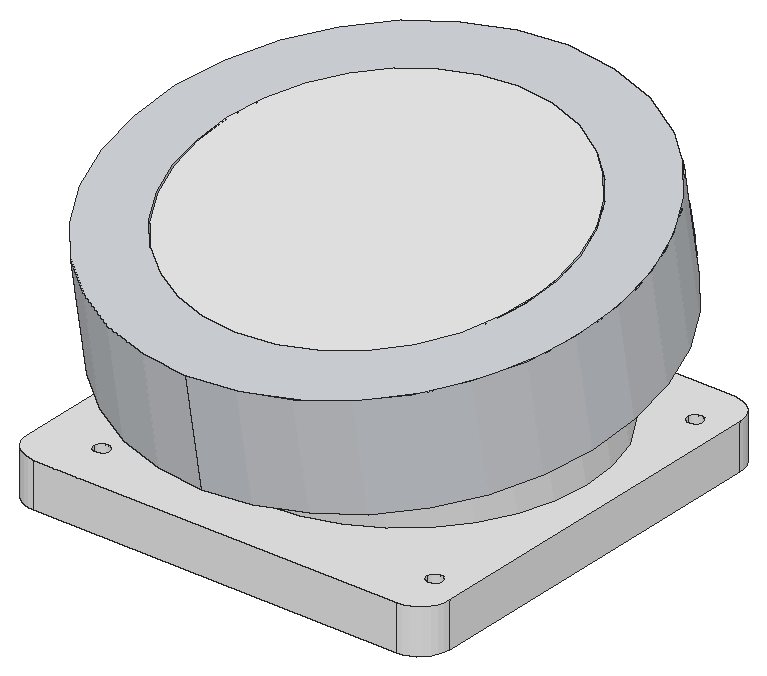
Revit family "Building-ConnessioniIEC309-GEWISS-IEC309HP-PRESE_FISSE_INC_10°_125A_IP66-67", category Apparecchi elettrici, host Superficie, Revit 2019
Family settings
  Host = Superficie
  Mantenere orientamento annotazione = Sì
  Quota connettore circolare = Usa diametro
  Tipo di parte = Normale
  Taglio con vuoti quando caricato = No
  Condiviso = Sì
  Punto di calcolo locali = Sì
Parameters (values of type "GW68786 - PRESA ST.125A 3P+N+T 400V CONT.PULITO")
  simbolo acceso [instance] = yes
  distanza_simbolo [instance] = 1 mm
  distanza dal piano [instance] = 0 mm
  W = 115 mm  # constant formula
  Versione file RFA = "21.11"
  URL = "https://www.gewiss.com/it/it"
  Tipologia = "Presa fissa da incasso 10°"
  Tipo Materiale = ""
  Tipo Cablaggio = "A vite"
  Termopressione con biglia = "125 °C (Parti attive) - 80 °C (Parti passive)"
  Tensione nominale: = ""
  Tensione nominale = "380-415V"
  Temperatura di utilizzo = "-25 +55 °C"
  Spostamento_effettivo_S [instance] = 4000 mm - Spostamento_S  # 3057 mm
  Spostamento_S = 943 mm
  Sportello_visibile = yes
  Scheda Tecnica = "https://www.gewiss.com/it/it/search?q=GW68786"
  SPinotto = Default(2)
  SEO = "Presa"
  Riferimento h = "6"
  Resistenza di isolamento = "- 10 M?"
  Resistenza agli urti = "IK08"
  Default Elevation = 1219.2 mm
  Produttore = "GEWISS S.p.A."
  Potere d'interruzione a 1,1 Un = "156A"
  Piastra = Default(2)
  N. poli = "3P+N+T"
  N. Manovre complessive = "-500"
  Modello = "GW68786"
  L = 155 mm  # constant formula
  Immagine tipo = (empty or 0)
  IDT = "f8cfd48370014e8f8fb3c269094b72df"
  IDF = "d9186e92-03dc-4206-9124-609961c156f7"
  Grado di protezione = "IP67"
  Glow wire test: = "850 °C (Parti attive) - 650 °C (Parti passive)"
  Frequenza = "50/60 Hz"
  FORMULA = 1000 mm * 1  # 1000 mm
  Dimensioni flangia (mm): = "114x114"
  Dimensioni flangia (mm) = "114x114"
  Descrizione = "PRESA ST.125A 3P+N+T 400V CONT.PULITO"
  Creato da GEWISS S.p.A. = ""
  Corrente nominale (A) = "125"
  Corpo centrale = Default(2)
  Colore: = "Rosso"
  Codice Electrocod = "2211"
  Catalogo = "BUILDING"
  Caratteristiche = ""
  CapacitÃ  serraggio morsetti = "16-50 mm² cavi flessibili - 25-70 mm² cavi rigidi"
  COBie.Tagnumber = ""
  COBie.CreatedOn = ""
  COBie.CreatebBy = ""
  COBie.ComponentRegisterItemID = ""
  COBie.Component.TagNumber = ""
  COBie.Component.Space = ""
  COBie.Component.SerialNumber = ""
  COBie.Component.InstallationDate = ""
  COBie.Component.Description = ""
  COBie.Component.BarCode = ""
  BLOCCO = "B=C"
Types (26, lengths in mm): name | Tipo Materiale | Tipo Cablaggio | Tensione nominale: | Tensione nominale | Scheda Tecnica | Riferimento h | Resistenza agli urti | N. poli | Modello | IDT | Grado di protezione | Frequenza | Dimensioni flangia (mm): | Descrizione | Colore: | Caratteristiche
  GW62257H - PR.INC.10° HP IP67 3P+T 125A 110V 4H | "Halogen free secondo norma EN 60754-2" | "A mantello" | "100 - 130 V" | "" | "https://www.gewiss.com/it/it/search?q=GW62257H" | "4" | "IK09" | "3P+T" | "GW62257H" | "9153929fd0f244bbb7c9858763fbe53b" | "IP66/IP67" | "50/60 Hz" | "" | "PR.INC.10° HP IP67 3P+T 125A 110V 4H" | "Giallo" | ""
  GW62258H - PR.INC.10° HP IP67 3P+N+T 125A 110V 4H | "Halogen free secondo norma EN 60754-2" | "A mantello" | "100 - 130 V" | "" | "https://www.gewiss.com/it/it/search?q=GW62258H" | "4" | "IK09" | "3P+N+T" | "GW62258H" | "18d81827e2834a4eba426d7bd53ed8b3" | "IP66/IP67" | "50/60 Hz" | "" | "PR.INC.10° HP IP67 3P+N+T 125A 110V 4H" | "Giallo" | ""
  GW62259H - PR.INC.10° HP IP67 3P+T 125A 230V 9H | "Halogen free secondo norma EN 60754-2" | "A mantello" | "200 - 250 V" | "" | "https://www.gewiss.com/it/it/search?q=GW62259H" | "9" | "IK09" | "3P+T" | "GW62259H" | "4e8848fd1a2944289d5955f933e39c62" | "IP66/IP67" | "50/60 Hz" | "" | "PR.INC.10° HP IP67 3P+T 125A 230V 9H" | "Blu" | ""
  GW62260H - PR.INC.10° HP IP67 3P+N+T 125A 230V 9H | "Halogen free secondo norma EN 60754-2" | "A mantello" | "200 - 250 V" | "" | "https://www.gewiss.com/it/it/search?q=GW62260H" | "9" | "IK09" | "3P+N+T" | "GW62260H" | "7e911d1188d44f49b4206f9dc5ea3ef3" | "IP66/IP67" | "50/60 Hz" | "" | "PR.INC.10° HP IP67 3P+N+T 125A 230V 9H" | "Blu" | ""
  GW62261H - PR.INC.10° HP IP67 3P+T 125A 400V 6H | "Halogen free secondo norma EN 60754-2" | "A mantello" | "380 - 415 V" | "" | "https://www.gewiss.com/it/it/search?q=GW62261H" | "6" | "IK09" | "3P+T" | "GW62261H" | "d2c81ab0fa1943a09309a98ce7eb34b2" | "IP66/IP67" | "50/60 Hz" | "" | "PR.INC.10° HP IP67 3P+T 125A 400V 6H" | "Rosso" | ""
  GW62261PH - PR.INC.10° HP IP67 3P+T 125A 400V 6H CP | "Halogen free secondo norma EN 60754-2" | "A mantello" | "380 - 415 V" | "" | "https://www.gewiss.com/it/it/search?q=GW62261PH" | "6" | "IK09" | "3P+T" | "GW62261PH" | "e9c9db9e7e474f7c8cbeed54245d1415" | "IP66/IP67" | "50/60 Hz" | "" | "PR.INC.10° HP IP67 3P+T 125A 400V 6H CP" | "Rosso" | "Contatto pilota"
  GW62262H - PR.INC.10° HP IP67 3P+N+T 125A 400V 6H | "Halogen free secondo norma EN 60754-2" | "A mantello" | "346 - 415 V" | "" | "https://www.gewiss.com/it/it/search?q=GW62262H" | "6" | "IK09" | "3P+N+T" | "GW62262H" | "fecbb6e538794049bba4e8111ba6efe7" | "IP66/IP67" | "50/60 Hz" | "" | "PR.INC.10° HP IP67 3P+N+T 125A 400V 6H" | "Rosso" | ""
  GW62262PH - PR.INC.10° HP IP67 3P+N+T 125A 400V6H CP | "Halogen free secondo norma EN 60754-2" | "A mantello" | "346 - 415 V" | "" | "https://www.gewiss.com/it/it/search?q=GW62262PH" | "6" | "IK09" | "3P+N+T" | "GW62262PH" | "8705a0edf0fe476ea741010917bd2fdd" | "IP66/IP67" | "50/60 Hz" | "" | "PR.INC.10° HP IP67 3P+N+T 125A 400V6H CP" | "Rosso" | "Contatto pilota"
  GW62263H - PR.INC.10° HP IP67 3P+T 125A 500V 7H | "Halogen free secondo norma EN 60754-2" | "A mantello" | "480 - 500 V" | "" | "https://www.gewiss.com/it/it/search?q=GW62263H" | "7" | "IK09" | "3P+T" | "GW62263H" | "efd685968b35496b9c5f0325e42e7454" | "IP66/IP67" | "50/60 Hz" | "" | "PR.INC.10° HP IP67 3P+T 125A 500V 7H" | "Nero" | ""
  GW62264H - PR.INC.10° HP IP67 3P+N+T 125A 500V 7H | "Halogen free secondo norma EN 60754-2" | "A mantello" | "480 - 500 V" | "" | "https://www.gewiss.com/it/it/search?q=GW62264H" | "7" | "IK09" | "3P+N+T" | "GW62264H" | "c8ddd878e5d243669782a113f7de38fc" | "IP66/IP67" | "50/60 Hz" | "" | "PR.INC.10° HP IP67 3P+N+T 125A 500V 7H" | "Nero" | ""
  GW62965H - PR.INC.10° HP IP67 2P+T 125A 110V 4H | "Halogen free secondo norma EN 60754-2" | "A mantello" | "100 - 130 V" | "" | "https://www.gewiss.com/it/it/search?q=GW62965H" | "4" | "IK09" | "2P+T" | "GW62965H" | "ded549a8816e48a38b52cd1baacd2461" | "IP66/IP67" | "50/60 Hz" | "" | "PR.INC.10° HP IP67 2P+T 125A 110V 4H" | "Giallo" | ""
  GW62966H - PR.INC.10° HP IP67 2P+T 125A 230V 6H | "Halogen free secondo norma EN 60754-2" | "A mantello" | "200 - 250 V" | "" | "https://www.gewiss.com/it/it/search?q=GW62966H" | "6" | "IK09" | "2P+T" | "GW62966H" | "68196559e5b7484180e7938c19e5bf7e" | "IP66/IP67" | "50/60 Hz" | "" | "PR.INC.10° HP IP67 2P+T 125A 230V 6H" | "Blu" | ""
  GW62967H - PR.INC.10° HP IP67 2P+T 125A 400V 9H | "Halogen free secondo norma EN 60754-2" | "A mantello" | "380 - 415 V" | "" | "https://www.gewiss.com/it/it/search?q=GW62967H" | "9" | "IK09" | "2P+T" | "GW62967H" | "6e30c0cfc2ae406696186958fe416866" | "IP66/IP67" | "50/60 Hz" | "" | "PR.INC.10° HP IP67 2P+T 125A 400V 9H" | "Rosso" | ""
  GW62968H - PR.INC.10° HP IP67 2P+T 125A 500V 7H | "Halogen free secondo norma EN 60754-2" | "A mantello" | "480 - 500 V" | "" | "https://www.gewiss.com/it/it/search?q=GW62968H" | "7" | "IK09" | "2P+T" | "GW62968H" | "d711a301b28b4ca5854349d2bb6d442b" | "IP66/IP67" | "50/60 Hz" | "" | "PR.INC.10° HP IP67 2P+T 125A 500V 7H" | "Nero" | ""
  GW62969H - PR.INC.10° HP IP67 3P+T 125A 690V 5H | "Halogen free secondo norma EN 60754-2" | "A mantello" | "600 - 690 V" | "" | "https://www.gewiss.com/it/it/search?q=GW62969H" | "5" | "IK09" | "3P+T" | "GW62969H" | "606cbfd984c84ec3a7217ff640e957fc" | "IP66/IP67" | "50/60 Hz" | "" | "PR.INC.10° HP IP67 3P+T 125A 690V 5H" | "Nero" | ""
  GW62970H - PR.INC.10° HP IP67 3P+N+T 125A 690V 5H | "Halogen free secondo norma EN 60754-2" | "A mantello" | "600 - 690 V" | "" | "https://www.gewiss.com/it/it/search?q=GW62970H" | "5" | "IK09" | "3P+N+T" | "GW62970H" | "8514dc1587d74f32838e088bf48f21c3" | "IP66/IP67" | "50/60 Hz" | "" | "PR.INC.10° HP IP67 3P+N+T 125A 690V 5H" | "Nero" | ""
  GW62971H - PR.INC.10° HP IP67 2P+T 125A-50V 10H | "Halogen free secondo norma EN 60754-2" | "A mantello" | "-50 V" | "" | "https://www.gewiss.com/it/it/search?q=GW62971H" | "10" | "IK09" | "2P+T" | "GW62971H" | "a0d4c1fa2da9439092fa45b4074b259b" | "IP66/IP67" | "100 - 300 Hz" | "" | "PR.INC.10° HP IP67 2P+T 125A >50V 10H" | "Verde" | ""
  GW62972H - PR.INC.10° HP IP67 3P+T 125A-50V 10H | "Halogen free secondo norma EN 60754-2" | "A mantello" | "-50 V" | "" | "https://www.gewiss.com/it/it/search?q=GW62972H" | "10" | "IK09" | "3P+T" | "GW62972H" | "4a55acc16b5d4c03ad886cd07713763c" | "IP66/IP67" | "100 - 300 Hz" | "" | "PR.INC.10° HP IP67 3P+T 125A >50V 10H" | "Verde" | ""
  GW62973H - PR.INC.10° HP IP67 3P+N+T 125A-50V 10H | "Halogen free secondo norma EN 60754-2" | "A mantello" | "-50 V" | "" | "https://www.gewiss.com/it/it/search?q=GW62973H" | "10" | "IK09" | "3P+N+T" | "GW62973H" | "a20be8de5ee24003bf2fdf4bf67a3f1b" | "IP66/IP67" | "100 - 300 Hz" | "" | "PR.INC.10° HP IP67 3P+N+T 125A >50V 10H" | "Verde" | ""
  GW62974H - PR.INC.10° HP IP67 2P+T 125A-50V 2H | "Halogen free secondo norma EN 60754-2" | "A mantello" | "-50 V" | "" | "https://www.gewiss.com/it/it/search?q=GW62974H" | "2" | "IK09" | "2P+T" | "GW62974H" | "9909a24a2253464788a069cb2f7d57c3" | "IP66/IP67" | "-300 - 500 Hz" | "" | "PR.INC.10° HP IP67 2P+T 125A >50V 2H" | "Verde" | ""
  GW62975H - PR.INC.10° HP IP67 3P+T 125A-50V 2H | "Halogen free secondo norma EN 60754-2" | "A mantello" | "-50 V" | "" | "https://www.gewiss.com/it/it/search?q=GW62975H" | "2" | "IK09" | "3P+T" | "GW62975H" | "60717fa8337a4059814002c5c11fe038" | "IP66/IP67" | "-300 - 500 Hz" | "" | "PR.INC.10° HP IP67 3P+T 125A >50V 2H" | "Verde" | ""
  GW62976H - PR.INC.10° HP IP67 3P+N+T 125A-50V 2H | "Halogen free secondo norma EN 60754-2" | "A mantello" | "-50 V" | "" | "https://www.gewiss.com/it/it/search?q=GW62976H" | "2" | "IK09" | "3P+N+T" | "GW62976H" | "2066129b5dda4ae281336ee109dfd5c7" | "IP66/IP67" | "-300 - 500 Hz" | "" | "PR.INC.10° HP IP67 3P+N+T 125A >50V 2H" | "Verde" | ""
  GW62977H - PR.INC.10° HP IP67 3P+T 125A 440÷460V11H | "Halogen free secondo norma EN 60754-2" | "A mantello" | "440 - 460 V" | "" | "https://www.gewiss.com/it/it/search?q=GW62977H" | "11" | "IK09" | "3P+T" | "GW62977H" | "7b82b1d3c15242c7ba3fead0473eb564" | "IP66/IP67" | "60 Hz" | "" | "PR.INC.10° HP IP67 3P+T 125A 440÷460V11H" | "Rosso" | ""
  GW62978H - PR.INC.10°HP IP67 3P+N+T 125A440÷460V11H | "Halogen free secondo norma EN 60754-2" | "A mantello" | "440 - 460 V" | "" | "https://www.gewiss.com/it/it/search?q=GW62978H" | "11" | "IK09" | "3P+N+T" | "GW62978H" | "34756fc183b844dfb286469be3da1c2b" | "IP66/IP67" | "60 Hz" | "" | "PR.INC.10°HP IP67 3P+N+T 125A440÷460V11H" | "Rosso" | ""
  GW68785 - PRESA ST.125A 3P+T 400V CONT.PULITO | "" | "A vite" | "" | "380-415V" | "https://www.gewiss.com/it/it/search?q=GW68785" | "6" | "IK08" | "3P+T" | "GW68785" | "dc369c5c68e54b94ae6354d4f84424f5" | "IP67" | "50/60 Hz" | "114x114" | "PRESA ST.125A 3P+T 400V CONT.PULITO" | "Rosso" | ""
  GW68786 - PRESA ST.125A 3P+N+T 400V CONT.PULITO | "" | "A vite" | "" | "380-415V" | "https://www.gewiss.com/it/it/search?q=GW68786" | "6" | "IK08" | "3P+N+T" | "GW68786" | "f8cfd48370014e8f8fb3c269094b72df" | "IP67" | "50/60 Hz" | "114x114" | "PRESA ST.125A 3P+N+T 400V CONT.PULITO" | "Rosso" | ""
Reference planes
  plane 1 "Centro (Fronte/Retro)": y = 0
  plane 2: z = 0
  plane 3 "Centro (Sinistra/Destra)": x = 0
  plane 4: x = -3000
  plane 5: x = 57
  plane 6: z = 0
Dimensions and locks
  plane 4 to plane 3 "Centro (Sinistra/Destra)" = 3000 mm
  "Spostamento_effettivo_S": plane 4 to plane 5
  "distanza dal piano": plane 6 to plane 2
  aligned and locked: plane 2 to host face
  aligned and locked: level to host face
  aligned and locked: plane 3 "Centro (Sinistra/Destra)" to nested 1
  aligned and locked: plane 1 "Centro (Fronte/Retro)" to nested 1
  aligned and locked: nested 2 to plane 5
  aligned and locked: nested 3 to plane 1 "Centro (Fronte/Retro)"
  aligned and locked: nested 3 to plane 3 "Centro (Sinistra/Destra)"
Automatic sketch dimensions
  host sketch curve to host sketch curve = 2438.4 mm  (x2)
Nested families
  nested 1: "IEC309 PRESE FISSE INCASSO 10' 63A IP66-67_BASE" at (0, 0, 0), type "IEC309 PRESE FISSE INCASSO 10' 63A IP66-67_BASE"
  nested 2: "GWGW62201FH - SIMBOLO_PRESA" at (57, 171.559, 0), visible <- "simbolo acceso", Distanza dal muro <- "distanza_simbolo", type "3P"
    with SIMBOLO ACCESO yes, Distanza dal muro 1 mm
  nested 3: "Famiglia1" at (-8.423, -8.289, 0), type "Famiglia1"
Connectors
  electrical at (37.5, 30, 0)
    settings: on nested 1, index 1, voltage 0 V, apparent load 0 VA, apparent load phase1 0 VA, apparent load phase2 0 VA, apparent load phase3 0 VA, power factor 1, load classification "Altro", number of poles 1, system type 31, power factor state 1, is connector primary yes, connector utility no, sub classification motor no, connector description ""
Definition of nested family "IEC309 PRESE FISSE INCASSO 10' 63A IP66-67_BASE"
  Parameters (values of type "IEC309 PRESE FISSE INCASSO 10' 63A IP66-67_BASE")
    sp_ghiera = 16 mm
    h = 114 mm  # constant formula
    dis_base = 71 mm
    Sportello = yes
    Spinotto = none
    R1 = 48.5 mm
    PIASTRA = none
    Lunghezza totale = 140 mm
    CENTRALE = none
    Bsae = 114 mm  # constant formula
  Reference planes
    plane 1 "Centro (Fronte/Retro)": y = 0
    plane 2: z = 0
    plane 3 "Centro (Sinistra/Destra)": x = 0
    plane 4: x = 114
    plane 5: x = 16
    plane 6: y = 13
    plane 7: x = 106
    plane 8: y = 101
    plane 9: y = 114
    plane 10: y = 50.5
    plane 11: x = 57
    plane 12: z = 12
    plane 13: y = 29
    plane 14: z = 23.239
    plane 15: through (37.5, 29, 1200) normal (-0.766, -0.6428, 0)
    plane 16: through (37.5, 29, 1200) normal (-0.766, 0.6428, 0)
    plane 17: x = 81.483
    plane 18: x = 75.914
    plane 19: x = 38.086
    plane 20: x = 32.517
  Forms (mm)
    Extrusion 1, solid, material <- "PIASTRA"
      sketch origin (0, 0, 0) x (1, 0, 0) y (0, 1, 0)
        loop
          arc (8, 114) -> (2.343, 111.657) -> (0, 106) r 8
          line (0, 106) -> (0, 8)
          arc (0, 8) -> (2.343, 2.343) -> (8, 0) r 8
          line (8, 0) -> (106, 0)
          arc (106, 0) -> (111.657, 2.343) -> (114, 8) r 8
          line (114, 8) -> (114, 106)
          arc (114, 106) -> (111.657, 111.657) -> (106, 114) r 8
          line (106, 114) -> (8, 114)
      from 0 to 12
    Sweep 2, solid, visible <- "Sportello"
      path origin (0, 9.39, 0.733) x (0, 0.999986, 0.005351) y (0, -0.005351, 0.999986)
        loop
          line (48.142, 65.323) -> (53.429, 35.334)
      profile origin (0, 59.906, 51.332) x (0, 0.983865, 0.17891) y (1, 0, 0)
        loop
          circle (-2.622, 57) r 65.5
    Extrusion 3, void
      sketch origin (0, 0, 0) x (1, 0, 0) y (0, 1, 0)
        loop
          circle (16, 101) r 2.072
        loop
          circle (106, 101) r 2.072
        loop
          circle (16, 13) r 2.072
        loop
          circle (106, 13) r 2.072
      from 0 to 12
    Sweep 4, void
      path origin (0, -0.625, 0) x (0, 1, 0) y (0, 0, 1)
        loop
          line (55.227, 65.844) -> (67.026, 0.96)
      profile origin (0, 60.501, 33.402) x (0, 0.983865, 0.17891) y (1, 0, 0)
        loop
          circle (0, 57) r 48.5
    Sweep 5, solid, material <- "PIASTRA"
      path origin (0, 0, 0) x (0, 1, 0) y (0, 0, 1)
        loop
          line (54.602, 65.844) -> (65.792, 8.251)
      profile origin (0, 60.197, 37.047) x (0, 0.981643, 0.190726) y (1, 0, 0)
        loop
          circle (0, 57) r 48.5
    Extrusion 6, solid
      sketch origin (0, 0, 0) x (0, 1, 0) y (0, 0, 1)
        loop
          line (105.864, 12) -> (121.299, 12) -> (131.285, 27.29)
          arc (131.285, 27.29) -> (132.047, 30.032) -> (131.637, 32.848) r 6.895
          arc (131.637, 32.848) -> (129.1, 38.07) -> (123.474, 39.503) r 6.895
          line (123.474, 39.503) -> (100.771, 35.251) -> (105.864, 12)
        loop
          arc (128.473, 33.433) -> (124.04, 36.457) -> (121.012, 32.027) r 3.796
          line (121.012, 32.027) -> (121.435, 29.768)
          arc (121.435, 29.768) -> (125.869, 26.737) -> (128.896, 31.174) r 3.796
          line (128.896, 31.174) -> (128.473, 33.433)
      from 75.914 to 81.483
    Extrusion 7, solid
      sketch origin (114, 0, 0) x (0, 1, 0) y (0, 0, -1)
        loop
          line (105.864, -12) -> (100.771, -35.251) -> (123.474, -39.503)
          arc (123.474, -39.503) -> (129.1, -38.07) -> (131.637, -32.848) r 6.895
          arc (131.637, -32.848) -> (132.047, -30.032) -> (131.285, -27.29) r 6.895
          line (131.285, -27.29) -> (121.299, -12) -> (105.864, -12)
        loop
          line (128.473, -33.433) -> (128.896, -31.174)
          arc (128.896, -31.174) -> (125.869, -26.737) -> (121.435, -29.768) r 3.796
          line (121.435, -29.768) -> (121.012, -32.027)
          arc (121.012, -32.027) -> (124.04, -36.457) -> (128.473, -33.433) r 3.796
      from 75.914 to 81.483
    Extrusion 8, solid
      sketch origin (0, 0, 0) x (0, 1, 0) y (0, 0, 1)
        loop
          line (110.547, 45.065) -> (113.567, 37.648) -> (123.474, 39.503)
          arc (123.474, 39.503) -> (128.638, 38.416) -> (131.52, 33.995) r 6.895
          line (131.52, 33.995) -> (129.933, 42.467)
          arc (129.933, 42.467) -> (129.213, 43.572) -> (127.922, 43.843) r 1.723
          line (127.922, 43.843) -> (125.659, 43.42)
          arc (125.659, 43.42) -> (125.231, 43.512) -> (124.993, 43.879) r 0.575
          line (124.993, 43.879) -> (124.684, 45.505)
          arc (124.684, 45.505) -> (124.463, 45.921) -> (124.005, 46.032) r 0.575
          line (124.005, 46.032) -> (118.581, 45.017)
          arc (118.581, 45.017) -> (118.151, 45.109) -> (117.912, 45.478) r 0.575
          line (117.912, 45.478) -> (117.745, 46.374) -> (110.547, 45.065)
      from 38.086 to 81.483
    Extrusion 9, solid
      sketch origin (0, 0, 0) x (0, 1, 0) y (0, 0, 1)
        loop
          arc (127.114, 33.178) -> (124.291, 35.097) -> (122.373, 32.274) r 2.413
          line (122.373, 32.274) -> (122.795, 30.017)
          arc (122.795, 30.017) -> (125.617, 28.097) -> (127.536, 30.919) r 2.413
          line (127.536, 30.919) -> (127.114, 33.178)
      from 32.517 to 81.483
  Cuts and joins
    Extrusion 3 cuts Extrusion 1
    Sweep 4 cuts Sweep 2
  Dimensions and locks
    "Bsae": plane 3 "Centro (Sinistra/Destra)" to plane 4
    locked: plane 7 to plane 4 at 8
    "h": plane 1 "Centro (Fronte/Retro)" to plane 9
    equal spacing: plane 1 "Centro (Fronte/Retro)", plane 10, plane 8
    equal spacing: plane 3 "Centro (Sinistra/Destra)", plane 11, plane 4
    locked: plane 12 to level at 12
    plane 1 "Centro (Fronte/Retro)" to plane 13 = 29 mm
    plane 14 to plane 12 = 11.239 mm
    plane 9 to plane 8 = 13 mm
    locked: plane 18 to plane 17 at 5.569
    locked: plane 20 to plane 19 at 5.569
    radius of Extrusion 1 sketch curve = 8 mm  (x4)
    "R1": radius of Sweep 4 sketch curve
    "R1": radius of Sweep 5 sketch curve
    aligned and locked: level to plane 2
    aligned and locked: plane 9 to Extrusion 1
    aligned and locked: Extrusion 1 to plane 3 "Centro (Sinistra/Destra)"
    aligned and locked: plane 1 "Centro (Fronte/Retro)" to Extrusion 1
    aligned and locked: Extrusion 1 to plane 4
    aligned and locked: Extrusion 1 to plane 12
    aligned and locked: plane 5 to Extrusion 3 sketch curve  (x2)
    aligned and locked: plane 8 to Extrusion 3 sketch curve  (x2)
    aligned and locked: plane 7 to Extrusion 3 sketch curve  (x2)
    aligned and locked: Extrusion 3 sketch curve to plane 6
    aligned and locked: plane 6 to Extrusion 3 sketch curve
    aligned and locked: Extrusion 1 to Extrusion 3
    aligned and locked: plane 11 to Sweep 2 sketch curve
    aligned and locked: plane 11 to Sweep 4 sketch curve
    aligned and locked: plane 11 to Sweep 5 sketch curve
    aligned and locked: plane 17 to Extrusion 6
    aligned and locked: Extrusion 6 to plane 18
    aligned and locked: plane 19 to Extrusion 7
    aligned and locked: Extrusion 7 to plane 20
    aligned and locked: Extrusion 8 to plane 19
    aligned and locked: plane 17 to Extrusion 8
    aligned and locked: Extrusion 9 to plane 20
    aligned and locked: plane 17 to Extrusion 9
  Automatic sketch dimensions
    Extrusion 1 sketch curve to plane 3 "Centro (Sinistra/Destra)" = 0 mm
    Extrusion 1 sketch curve to plane 7 = 0 mm
    plane 1 "Centro (Fronte/Retro)" to Extrusion 1 sketch curve = 0 mm
    Extrusion 1 sketch curve to plane 9 = 0 mm
    plane 10 to Sweep 2 sketch curve = 6.682 mm
    plane 14 to Sweep 2 sketch curve = 43.074 mm
    Sweep 2 sketch curve to Sweep 2 sketch curve = 5.288 mm
    Sweep 2 sketch curve to Sweep 2 sketch curve = 29.99 mm
    profile plane to Sweep 2 sketch curve = 2.622 mm
    plane 10 to Sweep 4 sketch curve = 4.102 mm
    level to Sweep 4 sketch curve = 0.96 mm
    plane 10 to Sweep 4 sketch curve = 15.901 mm
    plane 14 to Sweep 4 sketch curve = 42.605 mm
    plane 10 to Sweep 5 sketch curve = 4.102 mm
    Sweep 5 sketch curve to plane 12 = 3.749 mm
    plane 10 to Sweep 5 sketch curve = 15.292 mm
    plane 14 to Sweep 5 sketch curve = 42.605 mm
    Extrusion 6 sketch curve to Extrusion 6 sketch curve = 0 mm  (x8)
    Extrusion 6 sketch curve to plane 12 = 0 mm
    Extrusion 6 sketch curve to plane 8 = 0.229 mm
    plane 8 to Extrusion 6 sketch curve = 4.864 mm
    plane 9 to Extrusion 6 sketch curve = 7.012 mm
    plane 9 to Extrusion 6 sketch curve = 7.299 mm
    Extrusion 6 sketch curve to Extrusion 6 sketch curve = 0.423 mm  (x3)
    Extrusion 6 sketch curve to Extrusion 6 sketch curve = 3.731 mm
    plane 14 to Extrusion 6 sketch curve = 10.194 mm
    Extrusion 6 sketch curve to Extrusion 6 sketch curve = 3.73 mm
    plane 14 to Extrusion 6 sketch curve = 7.935 mm
    plane 14 to Extrusion 6 sketch curve = 6.53 mm
    Extrusion 6 sketch curve to Extrusion 6 sketch curve = 2.259 mm
    plane 14 to Extrusion 6 sketch curve = 12.013 mm
    Extrusion 6 sketch curve to Extrusion 6 sketch curve = 1.269 mm
    Extrusion 6 sketch curve to Extrusion 6 sketch curve = 2.389 mm
    plane 14 to Extrusion 6 sketch curve = 4.051 mm
    Extrusion 6 sketch curve to Extrusion 6 sketch curve = 2.741 mm
    Extrusion 7 sketch curve to Extrusion 7 sketch curve = 0 mm  (x7)
    Extrusion 7 sketch curve to plane 12 = 0 mm
    Extrusion 7 sketch curve to plane 8 = 0.229 mm
    plane 8 to Extrusion 7 sketch curve = 4.864 mm
    plane 9 to Extrusion 7 sketch curve = 7.012 mm
    plane 9 to Extrusion 7 sketch curve = 7.299 mm
    Extrusion 7 sketch curve to Extrusion 7 sketch curve = 0.423 mm  (x3)
    Extrusion 7 sketch curve to Extrusion 7 sketch curve = 3.731 mm
    plane 14 to Extrusion 7 sketch curve = 10.194 mm
    Extrusion 7 sketch curve to Extrusion 7 sketch curve = 3.73 mm
    plane 14 to Extrusion 7 sketch curve = 7.935 mm
    plane 14 to Extrusion 7 sketch curve = 12.013 mm
    Extrusion 7 sketch curve to Extrusion 7 sketch curve = 0.707 mm
    Extrusion 7 sketch curve to Extrusion 7 sketch curve = 2.259 mm
    Extrusion 7 sketch curve to Extrusion 7 sketch curve = 1.269 mm
    Extrusion 7 sketch curve to Extrusion 7 sketch curve = 2.389 mm
    plane 14 to Extrusion 7 sketch curve = 4.051 mm
    Extrusion 7 sketch curve to Extrusion 7 sketch curve = 2.741 mm
    Extrusion 7 sketch curve to Extrusion 7 sketch curve = 6.777 mm
    plane 9 to Extrusion 8 sketch curve = 4.477 mm
    Extrusion 8 sketch curve to Extrusion 8 sketch curve = 0.104 mm
    Extrusion 8 sketch curve to Extrusion 8 sketch curve = 5.529 mm
    Extrusion 8 sketch curve to Extrusion 8 sketch curve = 0.573 mm
    plane 9 to Extrusion 8 sketch curve = 10.743 mm
    Extrusion 8 sketch curve to Extrusion 8 sketch curve = 0.873 mm
    Extrusion 8 sketch curve to Extrusion 8 sketch curve = 0.102 mm
    Extrusion 8 sketch curve to Extrusion 8 sketch curve = 2.581 mm
    plane 14 to Extrusion 8 sketch curve = 9.487 mm
    Extrusion 8 sketch curve to Extrusion 8 sketch curve = 9.423 mm
    Extrusion 8 sketch curve to Extrusion 8 sketch curve = 1.27 mm
    Extrusion 8 sketch curve to Extrusion 8 sketch curve = 0.566 mm
    Extrusion 8 sketch curve to Extrusion 8 sketch curve = 1.032 mm
    Extrusion 8 sketch curve to Extrusion 8 sketch curve = 0.037 mm
    Extrusion 8 sketch curve to Extrusion 8 sketch curve = 0.565 mm  (x3)
    Extrusion 8 sketch curve to plane 9 = 0.433 mm
    Extrusion 8 sketch curve to plane 9 = 3.453 mm
    Extrusion 8 sketch curve to Extrusion 8 sketch curve = 2.185 mm
    Extrusion 8 sketch curve to Extrusion 8 sketch curve = 0 mm  (x12)
    Extrusion 8 sketch curve to Extrusion 8 sketch curve = 0.106 mm
    Extrusion 8 sketch curve to Extrusion 8 sketch curve = 0.317 mm  (x2)
    Extrusion 8 sketch curve to Extrusion 8 sketch curve = 1.694 mm
    Extrusion 8 sketch curve to Extrusion 8 sketch curve = 6.777 mm
    Extrusion 8 sketch curve to Extrusion 8 sketch curve = 1.269 mm
    Extrusion 8 sketch curve to Extrusion 8 sketch curve = 7.369 mm
    Extrusion 8 sketch curve to Extrusion 8 sketch curve = 0.413 mm
    Extrusion 8 sketch curve to Extrusion 8 sketch curve = 0.342 mm
    Extrusion 8 sketch curve to Extrusion 8 sketch curve = 0.168 mm
    Extrusion 8 sketch curve to Extrusion 8 sketch curve = 0.896 mm
    plane 9 to Extrusion 9 sketch curve = 10.743 mm
    Extrusion 9 sketch curve to Extrusion 9 sketch curve = 0.423 mm  (x3)
    plane 14 to Extrusion 9 sketch curve = 7.229 mm
    Extrusion 9 sketch curve to Extrusion 9 sketch curve = 2.258 mm
    Extrusion 9 sketch curve to Extrusion 9 sketch curve = 2.371 mm  (x2)
    Extrusion 9 sketch curve to Extrusion 9 sketch curve = 0.451 mm
    Extrusion 9 sketch curve to Extrusion 9 sketch curve = 2.257 mm
    Sweep 4 sketch curve to profile plane = 0 mm
    Sweep 5 sketch curve to profile plane = 0 mm
    radius of Sweep 2 sketch curve = 65.5 mm
    radius of Extrusion 3 sketch curve = 2.072 mm  (x4)
Definition of nested family "GWGW62201FH - SIMBOLO_PRESA"
  Parameters (values of type "3P")
    SIMBOLO ACCESO [instance] = yes
    Distanza dal muro [instance] = 0 mm
  Reference planes
    plane 1: y = 0
    plane 2: x = 0
  Dimensions and locks
    "Distanza dal muro": plane 1 to nested 1
    aligned and locked: plane 2 to nested 1
  Nested families
    nested 1: "GWGW62201FH - SIMBOLO" at (0, 0, 0), visible <- "SIMBOLO ACCESO", type "3P"
  Definition of nested family "GWGW62201FH - SIMBOLO"
    Parameters (values of type "3P")
      CORNICE SIMBOLO [instance] = yes
      3P = yes
    Reference planes
      plane 1: y = 0
      plane 2: x = 0
    Lines and regions (mm)
      detail lines
        curve 1: circle (-0.314, 0.674, 0) r 0.057 normal (0, 0, 1)
        curve 2: arc (0.346, -0.009, 0) -> (0, 0.337, 0) -> (-0.346, -0.009, 0) r 0.346
        curve 3: line (0, 0.337, 0) -> (0.346, 0.337, 0)
        curve 4: line (0, 3.386, 0) -> (0, 0.337, 0)
        curve 5: line (0, 0.337, 0) -> (-0.314, 0.674, 0)
Definition of nested family "Famiglia1"
  Reference planes
    plane 1 "Centro (Fronte/Retro)": y = 0
    plane 2: z = 0
    plane 3 "Centro (Sinistra/Destra)": x = 0
